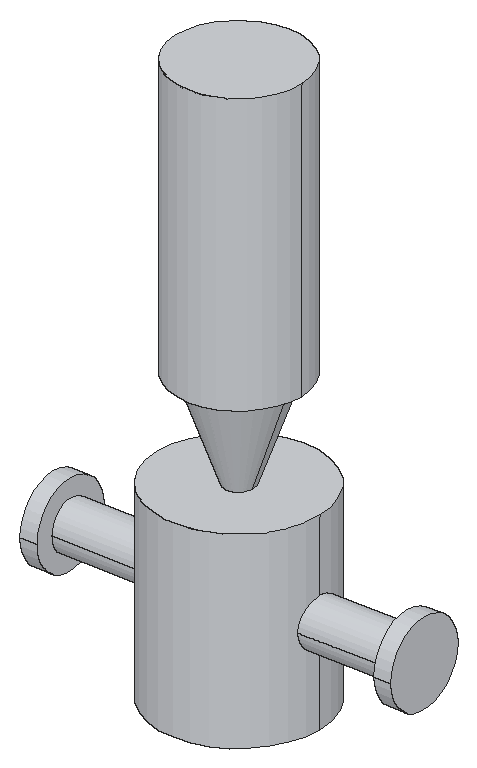
Revit family "M_Bomba em linha - Vertical", category Equipamento mecânico, Revit 2019
Family settings
  Cota do conector redondo = Usar raio
  Classificação = Bomba
  Tipo de parte = Quebra em
  Número OmniClass = 23.60.30.21
  Título OmniClass = Pumps
  ID de item do Seek = Inline Pump - Vertical-0000-CAN-ENU
  Com base no plano de trabalho = Não
  Sempre na vertical = Sim
  Corte com vazios quando carregada = Não
  Compartilhado = Não
  Ponto de cálculo do ambiente = Não
Parameters (values of type "7,2 LPS - 3,3 Extremidade do medidor")
  Voltagem = 460 V
  Raio da sucção = 20 mm
  Diâmetro da sucção = 2 * Raio da sucção  # 40 mm
  Raio 1 = Diâmetro 1 * 0.5  # 54.5 mm
  RPM = 1760
  Material da bomba = none
  Raio externo 2 = Diâmetro externo 2 * 0.5  # 26.35 mm
  Diâmetro externo 2 = Diâmetro da descarga + 12.7 mm  # 52.7 mm
  Diâmetro externo 1 = Diâmetro da sucção + 12.7 mm  # 52.7 mm
  Número de pólos = 3
  Raio do motor = Diâmetro do motor * 0.5  # 68.5 mm
  Altura do motor = 306 mm
  Diâmetro do motor = 137 mm
  Classificação de carga = Eletrodoméstico - Unidade de interrupção
  Raio do impulsor = Diâmetro do impulsor * 0.5  # 89 mm
  Diâmetro do impulsor = 178 mm
  Altura 2 = 214 mm
  Altura 1 = 105 mm
  Raio da flange 2 = Diâmetro da flange 2 * 0.5  # 45.4 mm
  Diâmetro da flange 2 = Diâmetro da descarga + 50.8 mm  # 90.8 mm
  Diâmetro da flange 1 = Diâmetro externo 1 + 50.8 mm  # 103.5 mm
  Raio da descarga = 20 mm
  Diâmetro da descarga = 2 * Raio da descarga  # 40 mm
  Diâmetro 1 = 109 mm
  C2 Deslocamento 1 = 203 mm
  C1 Deslocamento 1 = 203 mm
  Carga aparente = 940 VA
Types (7, lengths in mm): name | Raio da sucção | Diâmetro da sucção | Raio 1 | Raio externo 2 | Diâmetro externo 2 | Diâmetro externo 1 | Raio do motor | Altura do motor | Diâmetro do motor | Raio do impulsor | Diâmetro do impulsor | Altura 2 | Altura 1 | Raio da flange 2 | Diâmetro da flange 2 | Diâmetro da flange 1 | Raio da descarga | Diâmetro da descarga | Diâmetro 1 | C2 Deslocamento 1 | C1 Deslocamento 1 | Carga aparente
  (no name) | 20 | 40 | 54.5 | 26.35 | 52.7 | 52.7 | 68.5 | 306 | 137 | 89 | 178 | 214 | 105 | 45.4 | 90.8 | 103.5 | 20 | 40 | 109 | 203 | 203 | 940 VA
  3,2 LPS - 0,7 Extremidade do medidor | 20 | 40 | 47 | 26.35 | 52.7 | 52.7 | 58.5 | 306 | 117 | 76 | 152 | 220 | 114 | 45.4 | 90.8 | 103.5 | 20 | 40 | 94 | 191 | 191 | 627 VA
  4,7 LPS - 0,8 Extremidade do medidor | 25 | 50 | 47 | 31.35 | 62.7 | 62.7 | 58.7 | 306.3 | 117.4 | 76.2 | 152.4 | 206 | 99.3 | 50.4 | 100.8 | 113.5 | 25 | 50 | 94 | 203.2 | 190.5 | 627 VA
  7,2 LPS - 0,9 Extremidade do medidor | 40 | 80 | 47 | 46.35 | 92.7 | 92.7 | 58.5 | 306 | 117 | 76 | 152 | 232 | 126 | 65.4 | 130.8 | 143.5 | 40 | 80 | 94 | 254 | 216 | 940 VA
  7,2 LPS - 3,3 Extremidade do medidor | 20 | 40 | 54.5 | 26.35 | 52.7 | 52.7 | 68.5 | 306 | 137 | 89 | 178 | 214 | 105 | 45.4 | 90.8 | 103.5 | 20 | 40 | 109 | 203 | 203 | 940 VA
  12 LPS - 2,4 Extremidade do medidor | 25 | 50 | 54.5 | 31.35 | 62.7 | 62.7 | 68.5 | 306 | 137 | 89 | 178 | 210 | 100 | 50.4 | 100.8 | 113.5 | 25 | 50 | 109 | 216 | 216 | 1254 VA
  19,2 LPS - 1 Extremidade do medidor | 40 | 80 | 54.5 | 46.35 | 92.7 | 92.7 | 68.5 | 306 | 137 | 89 | 178 | 268 | 160 | 65.4 | 130.8 | 143.5 | 40 | 80 | 109 | 254 | 254 | 1880 VA
Reference planes
  plane 1 "Centro (Frente/Trás)": y = 0
  plane 2: z = 0
  plane 3 "Centro (Esquerda/Direita)": x = 0
  plane 4: x = -203
  plane 5: x = 203
  plane 6: x = -183.95
  plane 7: x = 183.95
  plane 8: z = 105
  plane 9: z = -105
  plane 10: z = 214
  plane 11: x = -54.5
  plane 12: z = 520
  plane 13: y = 45.4
  plane 14: y = -45.4
  plane 15: y = 89
  plane 16: y = -89
Forms (mm)
  Extrusion 1, solid, material <- "Material da bomba"
    sketch origin (0, 0, 0) x (0, 1, 0) y (0, 0, 1)
      loop
        circle (0, 0) r 45.4
    from -203 to -183.95
  Extrusion 2, solid, material <- "Material da bomba"
    sketch origin (0, 0, 0) x (0, 1, 0) y (0, 0, 1)
      loop
        circle (0, 0) r 45.4
    from 183.95 to 203
  Extrusion 3, solid, material <- "Material da bomba"
    sketch origin (0, 0, 0) x (1, 0, 0) y (0, 1, 0)
      loop
        circle (0, 0) r 89
    from -105 to 105
  Extrusion 4, solid, material <- "Material da bomba"
    sketch origin (0, 0, 0) x (0, 1, 0) y (0, 0, 1)
      loop
        circle (0, 0) r 26.35
    from -183.95 to 183.95
  Revolve 5, solid, material <- "Material da bomba"
    sketch origin (0, 0, 0) x (1, 0, 0) y (0, 0, 1)
      loop
        line (-54.5, 214) -> (-15.51, 105) -> (0, 105) -> (0, 214) -> (-54.5, 214)
      axis (0, 214) -> (0, 105)
    angle from 0 to 360
  Extrusion 6, solid, material <- "Material da bomba"
    sketch origin (0, 0, 0) x (1, 0, 0) y (0, 1, 0)
      loop
        circle (0, 0) r 68.5
    from 214 to 520
Cuts and joins
  joined: Extrusion 1, Extrusion 2, Extrusion 3, Extrusion 4, Revolve 5, Extrusion 6
Lines and regions (mm)
  symbolic lines, detail levels coarse+medium
    curve 1: line (-203, 89, 0) -> (203, 89, 0)
    curve 2: line (-203, -89, 0) -> (-203, 89, 0)
    curve 3: line (203, -89, 0) -> (-203, -89, 0)
    curve 4: line (203, 89, 0) -> (203, -89, 0)
  symbolic lines, detail levels fine
    curve 5: line (-203, 45.4, 0) -> (-183.95, 45.4, 0)
    curve 6: line (-203, -45.4, 0) -> (-203, 45.4, 0)
    curve 7: line (-183.95, -45.4, 0) -> (-203, -45.4, 0)
    curve 8: line (-183.95, 45.4, 0) -> (-183.95, -45.4, 0)
    curve 9: line (183.95, 45.4, 0) -> (203, 45.4, 0)
    curve 10: line (203, 45.4, 0) -> (203, -45.4, 0)
    curve 11: line (183.95, -45.4, 0) -> (183.95, 45.4, 0)
    curve 12: line (183.95, -45.4, 0) -> (203, -45.4, 0)
    curve 13: circle (0, 0, 0) r 89 normal (0, 0, 1)
    curve 14: circle (0, 0, 0) r 68.5 normal (0, 0, 1)
    curve 15: line (-85.01, 26.35, 0) -> (-183.95, 26.35, 0)
    curve 16: line (-85.01, -26.35, 0) -> (-183.95, -26.35, 0)
    curve 17: line (85.01, 26.35, 0) -> (183.95, 26.35, 0)
    curve 18: line (85.01, -26.35, 0) -> (183.95, -26.35, 0)
Dimensions and locks
  "C2 Deslocamento 1": plane 3 "Centro (Esquerda/Direita)" to plane 4
  "C1 Deslocamento 1": plane 5 to plane 3 "Centro (Esquerda/Direita)"
  locked: plane 6 to plane 4 at 19.05
  locked: plane 5 to plane 7 at 19.05
  equal spacing: plane 8, plane 2, plane 9
  "Altura 1": plane 8 to plane 2
  "Altura 2": plane 10 to plane 2
  "Raio 1": plane 3 "Centro (Esquerda/Direita)" to plane 11
  "Altura do motor": plane 12 to plane 10
  equal spacing: plane 13, plane 1 "Centro (Frente/Trás)", plane 14
  "Raio da flange 2": plane 13 to plane 1 "Centro (Frente/Trás)"
  equal spacing: plane 15, plane 1 "Centro (Frente/Trás)", plane 16
  "Raio do impulsor": plane 15 to plane 1 "Centro (Frente/Trás)"
  "Raio da flange 2": radius of Extrusion 1 sketch curve
  "Raio da flange 2": radius of Extrusion 2 sketch curve
  "Raio do impulsor": radius of Extrusion 3 sketch curve
  "Raio externo 2": radius of Extrusion 4 sketch curve
  "Raio do motor": radius of Extrusion 6 sketch curve
  "Raio do impulsor": radius of curve 13
  "Raio do motor": radius of curve 14
  aligned and locked: plane 1 "Centro (Frente/Trás)" to Extrusion 1 sketch curve
  aligned and locked: plane 2 to Extrusion 1 sketch curve
  aligned and locked: Extrusion 1 to plane 4
  aligned and locked: plane 6 to Extrusion 1
  aligned and locked: plane 1 "Centro (Frente/Trás)" to Extrusion 2 sketch curve
  aligned and locked: plane 2 to Extrusion 2 sketch curve
  aligned and locked: plane 5 to Extrusion 2
  aligned and locked: Extrusion 2 to plane 7
  aligned and locked: plane 8 to Extrusion 3
  aligned and locked: Extrusion 3 to plane 9
  aligned and locked: plane 1 "Centro (Frente/Trás)" to Extrusion 4 sketch curve
  aligned and locked: plane 2 to Extrusion 4 sketch curve
  aligned and locked: Extrusion 4 to plane 6
  aligned and locked: plane 7 to Extrusion 4
  aligned and locked: Revolve 5 sketch curve to Revolve 5 sketch curve  (x2)
  aligned and locked: Revolve 5 to plane 10
  aligned and locked: Revolve 5 to plane 8
  aligned and locked: plane 3 "Centro (Esquerda/Direita)" to Extrusion 6 sketch curve
  aligned and locked: plane 1 "Centro (Frente/Trás)" to Extrusion 6 sketch curve
  aligned and locked: plane 12 to Extrusion 6
  aligned and locked: Extrusion 6 to plane 10
  aligned and locked: plane 4 to curve 1
  aligned and locked: curve 1 to plane 15
  aligned and locked: curve 4 to plane 5
  aligned and locked: curve 2 to curve 5
  aligned and locked: curve 5 to plane 13
  aligned and locked: plane 14 to curve 8
  aligned and locked: curve 8 to Extrusion 1
  aligned and locked: curve 9 to plane 13
  aligned and locked: curve 10 to plane 5
  aligned and locked: plane 7 to cut or joined group of Extrusion 1, Extrusion 2, Extrusion 3, Extrusion 4, Revolve 5, Extrusion 6
  aligned and locked: curve 12 to plane 14
  aligned and locked: plane 3 "Centro (Esquerda/Direita)" to curve 13
  aligned and locked: plane 1 "Centro (Frente/Trás)" to curve 13
  aligned and locked: plane 3 "Centro (Esquerda/Direita)" to curve 14
  aligned and locked: plane 1 "Centro (Frente/Trás)" to curve 14
  aligned and locked: curve 15 to cut or joined group of Extrusion 1, Extrusion 2, Extrusion 3, Extrusion 4, Revolve 5, Extrusion 6
  aligned and locked: curve 16 to cut or joined group of Extrusion 1, Extrusion 2, Extrusion 3, Extrusion 4, Revolve 5, Extrusion 6
  aligned and locked: curve 17 to cut or joined group of Extrusion 1, Extrusion 2, Extrusion 3, Extrusion 4, Revolve 5, Extrusion 6
  aligned and locked: curve 18 to cut or joined group of Extrusion 1, Extrusion 2, Extrusion 3, Extrusion 4, Revolve 5, Extrusion 6
Automatic sketch dimensions
  Extrusion 3 sketch curve to plane 1 "Centro (Frente/Trás)" = 0 mm
  Extrusion 3 sketch curve to plane 3 "Centro (Esquerda/Direita)" = 0 mm
  Revolve 5 sketch curve to plane 10 = 0 mm
  Revolve 5 sketch curve to plane 11 = 0 mm
  Revolve 5 sketch curve to plane 8 = 0 mm  (x2)
  Revolve 5 sketch curve to plane 3 "Centro (Esquerda/Direita)" = 0 mm
  Revolve 5 sketch curve to plane 3 "Centro (Esquerda/Direita)" = 15.51 mm
  curve 11 to plane 7 = 0 mm
  curve 3 to plane 16 = 0 mm
Nested families
  nested 1: "M_Símbolo da bomba" at (0, 0, 0) x (0.5, 0.866, 0) z (0, 0, 1), Raio do símbolo <- "Raio do impulsor", type "Símbolo da bomba", detail levels coarse+medium
    with Raio do símbolo 89 mm, Comprimento do símbolo 2 77.076 mm, Comprimento do símbolo 1 44.5 mm
Connectors
  piping at (-203, 0, 0), diameter 40, driven by "Raio da sucção"
    settings: on cut or joined group of Extrusion 1, Extrusion 2, Extrusion 3, Extrusion 4, Revolve 5, Extrusion 6, index 1, connector inside diameter 609.6 mm, connector length 0 mm, flow factor 0, pipe flow 0.0 L/s, pressure drop 0.0 Pa, fitting loss kfactor 0, connector angle 0.00°, fixture units 0, engagement length 0 mm, angle of deflection 0.00°, flow configuration 0, flow direction 1, fitting loss method 0, system type 29, joint type 0, gender type 0, connector reference index 2, connector utility 0, adjustable connector no, is connector primary yes, connector description "Entrada de líquido aquoso"
  piping at (203, 0, 0), diameter 40, driven by "Raio da descarga"
    settings: on cut or joined group of Extrusion 1, Extrusion 2, Extrusion 3, Extrusion 4, Revolve 5, Extrusion 6, index 2, connector inside diameter 609.6 mm, connector length 0 mm, flow factor 0, pipe flow 0.0 L/s, pressure drop 0.0 Pa, fitting loss kfactor 0, connector angle 0.00°, fixture units 0, engagement length 0 mm, angle of deflection 0.00°, flow configuration 0, flow direction 2, fitting loss method 0, system type 29, joint type 0, gender type 0, connector reference index 1, connector utility 0, adjustable connector no, is connector primary no, connector description "Saída de líquido aquoso"
  electrical at (0, 0, 520), driven by "Número de pólos", driven by "Classificação de carga", driven by "Voltagem", driven by "Carga aparente"
    settings: on cut or joined group of Extrusion 1, Extrusion 2, Extrusion 3, Extrusion 4, Revolve 5, Extrusion 6, index 3, voltage 460 V, apparent load 940 VA, apparent load phase1 0 VA, apparent load phase2 0 VA, apparent load phase3 0 VA, power factor 0.8, load classification "Eletrodoméstico - Unidade de interrupção", number of poles 3, system type 30, power factor state 1, is connector primary yes, connector utility no, sub classification motor no, connector description ""
Definition of nested family "M_Símbolo da bomba"
  Parameters
    Raio do símbolo [instance] = 609.6 mm
    Comprimento do símbolo 2 [instance] = cos(30.00°) * Raio do símbolo  # 527.929 mm
    Comprimento do símbolo 1 [instance] = sin(30.00°) * Raio do símbolo  # 304.8 mm
    Assembly Code = ""
  Reference planes
    plane 1 "Centro (Frente/Trás)": y = 0
    plane 2: z = 0
    plane 3 "Centro (Esquerda/Direita)": x = 0
    plane 4: x = -304.8
    plane 5: x = 609.6
    plane 6: y = 527.929
    plane 7: y = -527.929
  Lines and regions (mm)
    Filled region 1, type "Bloco de concreto", in view "Nível de referência"
      outline origin (0, 0, 0) x (1, 0, 0) y (0, 1, 0)
        loop
          line (-304.8, 527.929) -> (-304.8, -527.929) -> (609.6, 0) -> (-304.8, 527.929)
    detail lines, in view "Nível de referência"
      curve 1: circle (0, 0, 0) r 609.6 normal (0, 0, 1)
  Dimensions and locks
    "Comprimento do símbolo 1": plane 4 to plane 3 "Centro (Esquerda/Direita)"
    "Raio do símbolo": plane 3 "Centro (Esquerda/Direita)" to plane 5
    equal spacing: plane 6, plane 1 "Centro (Frente/Trás)", plane 7
    "Comprimento do símbolo 2": plane 6 to plane 1 "Centro (Frente/Trás)"
    "Raio do símbolo": radius of curve 1
    aligned and locked: Filled region 1 sketch curve to plane 4
    aligned and locked: plane 1 "Centro (Frente/Trás)" to Filled region 1 sketch curve
    aligned and locked: plane 6 to Filled region 1 sketch curve
    aligned and locked: plane 4 to Filled region 1 sketch curve
    aligned and locked: plane 7 to Filled region 1 sketch curve
  Automatic sketch dimensions
    curve 1 to plane 1 "Centro (Frente/Trás)" = 0 mm
    curve 1 to plane 3 "Centro (Esquerda/Direita)" = 0 mm
    Filled region 1 sketch curve to plane 5 = 0 mm
